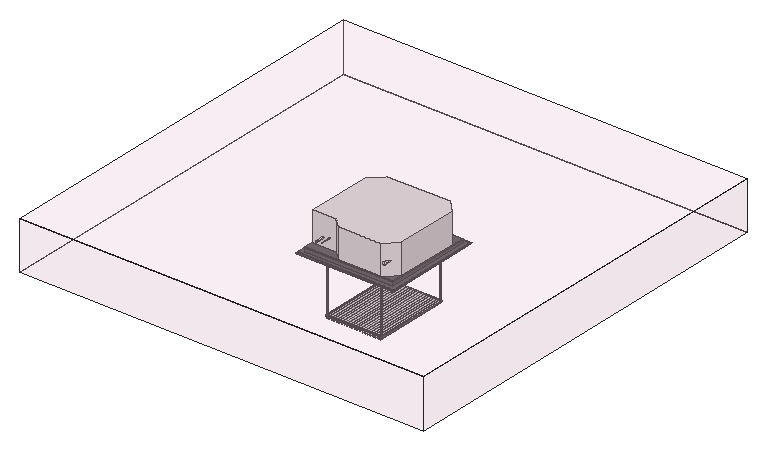
Revit family "Hitachi_Silent-iconic-design-elevation-grid-white_LOD400", category Mechanical Equipment, Revit 2018
Family settings
  Round Connector Dimension = Use Diameter
  Classification = None
  Part Type = Normal
  OmniClass Number = 23.75.70.00
  OmniClass Title = HVAC Distribution Devices
  Work Plane-Based = No
  Always vertical = Yes
  Cut with Voids When Loaded = No
  Shared = No
  Room Calculation Point = No
Parameters (values of type "RCI-6.0FSRP + P-GP160NAPU")
  Uniformat code = "D3040"
  Uniformat = "Distribution Systems"
  Sound Pressure Level (hi) = 49
  Sound Pressure Level (Me) = 45
  Sound Pressure Level (Lo) = 49
  Sound Pressure Level (Hi2) = 51
  Refrigerant Type = ""
  Object type = ""
  Model = "4-way cassette Design Panel Silent-Iconic (Elevation Grille White)"
  Nominal Heating Capacity = 18000 W
  Manufacturer = "Hitachi Air Conditioning Europe SAS"
  Nominal Cooling Capacity = 16000 W
  Clearance Zone [instance] = yes
  Reference description = "Elevation Grille (Natural White)"
  Reference = "RCI-6.0FSRP + P-GP160NAPU"
  RCI Height = 298 mm
  Product Code = "RCI-6.0FSRP + P-GP160NAPU"
  Overall width = 950 mm
  Overall height = 378 mm
  Overall depth = 950 mm
  Outlet Diameter = 32 mm
  OmniClass description = "Air Handling Units"
  OmniClass code = "23-33 25 00"
  Number of Phases = 1
  Nominal Voltage = 230 V
  Net Weight = 36.00 kg
  Name BIM&CO = "Indoor Unit"
  Minimum AC Voltage = 207 V
  Maximum AC Voltage = 253 V
  Masterformat Code = "23 73 00"
  MasterFormat = "Indoor Central-Station Air-Handling Units"
  Liquid Diameter = 9.52 mm
  Indoor fan - Air Flow Rate (Me) = 1680.0 m³/h
  Indoor fan - Air Flow Rate (Lo) = 1320.0 m³/h
  Indoor fan - Air Flow Rate (Hi2) = 2220.0 m³/h
  Indoor fan - Air Flow Rate (Hi) = 2100.0 m³/h
  Gas Diameter = 15.88 mm
  GTIN (Global Trade Item Number) = ""
  Frequency = 50 Hz
  Elevation Grid Height [instance] = 500 mm
  Connection type = "flare-nut connection"
  BIM&CO code = ""
  BC_VARIANT_ID = "963889"
  BC_OBJECT_VERSION = "#2"  # constant formula
  BC_OBJECT_ID = "428631"  # constant formula
  BC_MODEL_ID = "1194576"  # constant formula
Types (8, lengths in mm): name | Sound Pressure Level (hi) | Sound Pressure Level (Me) | Sound Pressure Level (Lo) | Sound Pressure Level (Hi2) | Nominal Heating Capacity | Nominal Cooling Capacity | Reference | RCI Height | Product Code | Net Weight | Liquid Diameter | Indoor fan - Air Flow Rate (Me) | Indoor fan - Air Flow Rate (Lo) | Indoor fan - Air Flow Rate (Hi2) | Indoor fan - Air Flow Rate (Hi) | Gas Diameter | BC_VARIANT_ID
  RCI-1.0FSRP + P-GP160NAPU | 32 | 30 | 29 | 35 | 3200 W | 2800 W | "RCI-1.0FSRP + P-GP160NAPU" | 248 | "RCI-1.0FSRP + P-GP160NAPU" | 30.00 kg | 6.35 | 660.0 m³/h | 540.0 m³/h | 900.0 m³/h | 780.0 m³/h | 12.7 | "963882"
  RCI-1.5FSRP + P-GP160NAPU | 33 | 32 | 29 | 37 | 4800 W | 4000 W | "RCI-1.5FSRP + P-GP160NAPU" | 248 | "RCI-1.5FSRP + P-GP160NAPU" | 31.00 kg | 6.35 | 840.0 m³/h | 660.0 m³/h | 1200.0 m³/h | 960.0 m³/h | 12.7 | "963883"
  RCI-2.0FSRP + P-GP160NAPU | 34 | 32 | 30 | 39 | 6300 W | 5600 W | "RCI-2.0FSRP + P-GP160NAPU" | 248 | "RCI-2.0FSRP + P-GP160NAPU" | 31.00 kg | 6.35 | 840.0 m³/h | 720.0 m³/h | 1320.0 m³/h | 1020.0 m³/h | 12.7 | "963884"
  RCI-2.5FSRP + P-GP160NAPU | 39 | 35 | 31 | 45 | 8500 W | 7100 W | "RCI-2.5FSRP + P-GP160NAPU" | 248 | "RCI-2.5FSRP + P-GP160NAPU" | 32.00 kg | 9.52 | 1080.0 m³/h | 840.0 m³/h | 1620.0 m³/h | 1260.0 m³/h | 15.88 | "963885"
  RCI-3.0FSRP + P-GP160NAPU | 38 | 34 | 32 | 43 | 9000 W | 8000 W | "RCI-3.0FSRP + P-GP160NAPU" | 298 | "RCI-3.0FSRP + P-GP160NAPU" | 36.00 kg | 9.52 | 1080.0 m³/h | 900.0 m³/h | 1620.0 m³/h | 1380.0 m³/h | 15.88 | "963886"
  RCI-4.0FSRP + P-GP160NAPU | 46 | 41 | 35 | 51 | 12500 W | 11200 W | "RCI-4.0FSRP + P-GP160NAPU" | 298 | "RCI-4.0FSRP + P-GP160NAPU" | 36.00 kg | 9.52 | 1440.0 m³/h | 1200.0 m³/h | 2160.0 m³/h | 1860.0 m³/h | 15.88 | "963887"
  RCI-5.0FSRP + P-GP160NAPU | 48 | 43 | 37 | 51 | 16000 W | 14000 W | "RCI-5.0FSRP + P-GP160NAPU" | 298 | "RCI-5.0FSRP + P-GP160NAPU" | 36.00 kg | 9.52 | 1560.0 m³/h | 1260.0 m³/h | 2220.0 m³/h | 1980.0 m³/h | 15.88 | "963888"
  RCI-6.0FSRP + P-GP160NAPU | 49 | 45 | 49 | 51 | 18000 W | 16000 W | "RCI-6.0FSRP + P-GP160NAPU" | 298 | "RCI-6.0FSRP + P-GP160NAPU" | 36.00 kg | 9.52 | 1680.0 m³/h | 1320.0 m³/h | 2220.0 m³/h | 2100.0 m³/h | 15.88 | "963889"
Reference planes
  plane 1 "Centre (avant/arrière)": y = 0
  plane 2: z = 0
  plane 3 "Centre (gauche/droite)": x = 0
  plane 4: x = -475
  plane 5: x = 475
  plane 6: y = 475
  plane 7: y = -475
  plane 8: z = 28
  plane 9: y = 366.5
  plane 10: y = -366.5
  plane 11: z = 326
  plane 12: z = -51.5
  plane 13: z = 426
  plane 14 "Elevation grid base": z = -29.5
  plane 15 "Elevation grid": z = -529.5
Forms (mm)
  Extrusion 1, solid, material "Hitachi-Steel-White"
    sketch origin (0, 0, -3) x (-1, 0, 0) y (0, 0, 1)
      loop
        line (316.25, -28.5) -> (308.75, -28.5) -> (308.75, -48.5) -> (316.25, -48.5) -> (316.25, -28.5)
      loop
        line (366.25, -28.5) -> (358.75, -28.5) -> (358.75, -48.5) -> (366.25, -48.5) -> (366.25, -28.5)
      loop
        line (341.25, -28.5) -> (333.75, -28.5) -> (333.75, -48.5) -> (341.25, -48.5) -> (341.25, -28.5)
      loop
        line (291.25, -28.5) -> (283.75, -28.5) -> (283.75, -48.5) -> (291.25, -48.5) -> (291.25, -28.5)
      loop
        line (-316.25, -28.5) -> (-316.25, -48.5) -> (-308.75, -48.5) -> (-308.75, -28.5) -> (-316.25, -28.5)
      loop
        line (-366.25, -28.5) -> (-366.25, -48.5) -> (-358.75, -48.5) -> (-358.75, -28.5) -> (-366.25, -28.5)
      loop
        line (-341.25, -28.5) -> (-341.25, -48.5) -> (-333.75, -48.5) -> (-333.75, -28.5) -> (-341.25, -28.5)
      loop
        line (-291.25, -28.5) -> (-291.25, -48.5) -> (-283.75, -48.5) -> (-283.75, -28.5) -> (-291.25, -28.5)
    from -366.5 to 366.5
  Sweep 2, solid, material "Hitachi-Plastic-Black"
    path origin (0, 0, 0) x (1, 0, 0) y (0, 1, 0)
      loop
        line (-475, 475) -> (-475, -475) -> (475, -475) -> (475, 475) -> (-475, 475)
    profile origin (-475, 0, 0) x (1, 0, 0) y (0, 0, 1)
      loop
        line (0, -3) -> (0.996, -14.347)
        arc (0.996, -14.347) -> (1.577, -15.524) -> (2.8, -16) r 1.811
        line (2.8, -16) -> (49, -16) -> (49, -20) -> (107.5, -20) -> (107.5, -24.5) -> (108.5, -24.5) -> (117, -27.9) -> (117, -29.5) -> (108.5, -29.5) -> (108.5, -31.5) -> (203.947, -31.5) -> (203.947, 40) -> (49.035, 40) -> (49.035, 29.684) -> (46.438, 0) -> (8.343, 0) -> (8.343, -3) -> (0, -3)
  Extrusion 3, solid, material "Hitachi-Plastic-Black"
    sketch origin (0, -90, 0) x (1, 0, 0) y (0, 1, 0)
      loop
        circle (-264.844, -272.25) r 2.5
      loop
        circle (264.844, -272.25) r 2.5
      loop
        circle (-264.844, 452.25) r 2.5
      loop
        circle (264.844, 452.25) r 2.5
    from -529.5 to 0
Dimensions and locks
  equal spacing: plane 4, plane 3 "Centre (gauche/droite)", plane 5
  "Overall width": plane 4 to plane 5
  equal spacing: plane 6, plane 1 "Centre (avant/arrière)", plane 7
  "Overall depth": plane 6 to plane 7
  locked: plane 2 to plane 12 at 51.5
  "RCI Height": plane 11 to plane 8
  locked: plane 8 to plane 2 at 28
  locked: plane 13 to plane 11 at 100
  locked: plane 2 to plane 14 "Elevation grid base" at 29.5
  "Elevation Grid Height": plane 14 "Elevation grid base" to plane 15 "Elevation grid"
  aligned and locked: level to plane 2
  aligned and locked: Sweep 2 sketch curve to plane 4
  aligned and locked: Sweep 2 sketch curve to plane 6
  aligned and locked: plane 5 to Sweep 2 sketch curve
  aligned and locked: Sweep 2 sketch curve to plane 7
  aligned and locked: plane 3 "Centre (gauche/droite)" to nested 1
  aligned and locked: plane 1 "Centre (avant/arrière)" to nested 1
  aligned and locked: plane 3 "Centre (gauche/droite)" to nested 2
  aligned and locked: plane 1 "Centre (avant/arrière)" to nested 2
  aligned and locked: nested 2 to plane 15 "Elevation grid"
  aligned and locked: Extrusion 3 to plane 15 "Elevation grid"
  aligned and locked: plane 2 to Extrusion 3
Automatic sketch dimensions
  Extrusion 1 sketch curve to Extrusion 1 sketch curve = 7.5 mm  (x8)
  Extrusion 1 sketch curve to Extrusion 1 sketch curve = 17.5 mm  (x5)
  Extrusion 1 sketch curve to level = 51.5 mm  (x2)
  Extrusion 1 sketch curve to Extrusion 1 sketch curve = 0 mm  (x9)
  Extrusion 1 sketch curve to Extrusion 1 sketch curve = 20 mm  (x3)
  profile plane to Sweep 2 sketch curve = 0 mm
  Sweep 2 sketch curve to level = 0 mm
  Sweep 2 sketch curve to profile plane = 0.996 mm
  Sweep 2 sketch curve to Sweep 2 sketch curve = 1.804 mm
  Sweep 2 sketch curve to profile plane = 8.343 mm
  Sweep 2 sketch curve to level = 20 mm
  Sweep 2 sketch curve to Sweep 2 sketch curve = 40.657 mm
  Sweep 2 sketch curve to profile plane = 49.035 mm
  Sweep 2 sketch curve to Sweep 2 sketch curve = 58.5 mm
  Sweep 2 sketch curve to level = 24.5 mm
  Sweep 2 sketch curve to Sweep 2 sketch curve = 1 mm
  Sweep 2 sketch curve to Sweep 2 sketch curve = 0 mm
  Sweep 2 sketch curve to Sweep 2 sketch curve = 8.5 mm
  Sweep 2 sketch curve to level = 31.5 mm
  Sweep 2 sketch curve to Sweep 2 sketch curve = 86.947 mm
  Sweep 2 sketch curve to Sweep 2 sketch curve = 2 mm
  Sweep 2 sketch curve to Sweep 2 sketch curve = 1.6 mm
  Sweep 2 sketch curve to Sweep 2 sketch curve = 4 mm
  Sweep 2 sketch curve to Sweep 2 sketch curve = 1.653 mm
  Sweep 2 sketch curve to level = 3 mm
  level to Sweep 2 sketch curve = 40 mm
  Sweep 2 sketch curve to Sweep 2 sketch curve = 2.562 mm
  Sweep 2 sketch curve to Sweep 2 sketch curve = 10.316 mm
  Extrusion 1 sketch curve to Extrusion 1 sketch curve = 75 mm
  Extrusion 1 sketch curve to plane 14 "Elevation grid base" = 2 mm
  Extrusion 1 sketch curve to plane 12 = 0 mm
  plane 4 to Extrusion 1 sketch curve = 191.25 mm
  plane 5 to Extrusion 1 sketch curve = 191.25 mm
  Extrusion 3 sketch curve to plane 9 = 4.25 mm  (x2)
  plane 4 to Extrusion 3 sketch curve = 210.156 mm  (x2)
  plane 10 to Extrusion 3 sketch curve = 4.25 mm  (x2)
  plane 5 to Extrusion 3 sketch curve = 210.156 mm  (x2)
  radius of Extrusion 3 sketch curve = 2.5 mm  (x4)
Nested families
  nested 1: "Cassette 800 x 800 RCI FSR" at (0, 0, 28), type "Cassette 800 x 800 RCI FSR"
    with Overall height 298 mm
  nested 2: "Silent-iconic-elevation-grille" at (0, 0, -529.5), type "Silent-iconic-elevation-grille"
  nested 3: "BC_Clearance-zone" at (0, 1164.917, -51.5), visible <- "Clearance Zone", type "BC_Clearance-zone"
    with Width 3950 mm, Height 477.5 mm, Depth 3950 mm
Connectors
  piping at (-325, -420, 118), diameter 609.6
    settings: on nested 1, index 1, connector inside diameter 609.6 mm, connector length 0 mm, flow factor 0, pipe flow 0.0 L/s, pressure drop 0.0 Pa, fitting loss kfactor 0, connector angle 0.00°, fixture units 0, engagement length 0 mm, angle of deflection 0.00°, flow configuration 0, flow direction 0, fitting loss method 0, system type 7, joint type 0, gender type 0, connector reference index -1, connector utility 0, adjustable connector no, is connector primary yes, connector description ""
  piping at (-260, -430, 135), diameter 9.5
    settings: on nested 1, index 2, connector inside diameter 609.6 mm, connector length 0 mm, flow factor 0, pipe flow 0.0 L/s, pressure drop 0.0 Pa, fitting loss kfactor 0, connector angle 0.00°, fixture units 0, engagement length 0 mm, angle of deflection 0.00°, flow configuration 0, flow direction 0, fitting loss method 0, system type 7, joint type 0, gender type 0, connector reference index -1, connector utility 0, adjustable connector no, is connector primary no, connector description ""
  piping at (338, -420, 162), diameter 25
    settings: on nested 1, index 3, connector inside diameter 609.6 mm, connector length 0 mm, flow factor 0, pipe flow 0.0 L/s, pressure drop 0.0 Pa, fitting loss kfactor 0, connector angle 0.00°, fixture units 0, engagement length 0 mm, angle of deflection 0.00°, flow configuration 0, flow direction 0, fitting loss method 0, system type 7, joint type 0, gender type 0, connector reference index -1, connector utility 0, adjustable connector no, is connector primary no, connector description ""
  electrical at (0.274, -40.571, 326), driven by "Nominal Voltage"
    settings: on nested 1, index 4, voltage 230 V, apparent load 0 VA, apparent load phase1 0 VA, apparent load phase2 0 VA, apparent load phase3 0 VA, power factor 1, load classification "Autre", number of poles 1, system type 31, power factor state 1, is connector primary yes, connector utility no, sub classification motor no, connector description ""
Definition of nested family "Cassette 800 x 800 RCI FSR"
  Parameters (values of type "Cassette 800 x 800 RCI FSR")
    URL = ""
    Overall height = 248 mm
    Outlet Diameter = 25 mm
    Liquid Diameter = 6.35 mm
    Gas Diameter = 12.7 mm
    Description = "Standard Cassette 800*800.Individual control setting for each louver. Suitable up to 4,2 m height under ceiling . Optional motion sensor"
    Model = "Cassette 800 x 800 RCI FSR"
    Manufacturer = "Hitachi Air Conditioning Europe SAS"
    Default Elevation = 1219.2 mm
    Type Comments = ""
  Reference planes
    plane 1 "Centre (avant/arrière)": y = 0
    plane 2: z = 0
    plane 3 "Centre (gauche/droite)": x = 0
    plane 4 "Back": y = 420
    plane 5 "Right": x = 420
    plane 6 "Left": x = -420
    plane 7 "Front": y = -420
    plane 8: z = 0
    plane 9 "Top": z = 248
  Forms (mm)
    Extrusion 1, solid
      sketch origin (0, 0, 0) x (1, 0, 0) y (0, 1, 0)
        loop
          line (-306.863, 420) -> (-420, 306.863) -> (-420, -336) -> (-204.8, -336) -> (-99.6, -420) -> (306.863, -420) -> (420, -306.863) -> (420, 306.863) -> (306.863, 420) -> (-306.863, 420)
      from 248 to 0
    Extrusion 2, solid
      sketch origin (55, -336, -18) x (-1, 0, 0) y (0, 0, -1)
        loop
          circle (380, -108) r 6.35
      from 0 to 84
    Extrusion 3, solid
      sketch origin (0, -336, 16) x (-1, 0, 0) y (0, 0, -1)
        loop
          circle (260, -91) r 3.175
      from 0 to 94
    Extrusion 4, solid
      sketch origin (0, -336, 148) x (-1, 0, 0) y (0, 0, -1)
        loop
          circle (-338, 14) r 12.5
      from 0 to 84
  Dimensions and locks
    equal spacing: plane 6 "Left", plane 3 "Centre (gauche/droite)", plane 5 "Right"
    equal spacing: plane 7 "Front", plane 1 "Centre (avant/arrière)", plane 4 "Back"
    plane 6 "Left" to plane 5 "Right" = 840 mm
    plane 4 "Back" to plane 7 "Front" = 840 mm
    "Overall height": plane 9 "Top" to plane 8
    locked: Extrusion 4 sketch curve to plane 8 at 134
    locked: Extrusion 2 sketch curve to plane 8 at 90
    locked: Extrusion 3 sketch curve to plane 8 at 107
    "Gas Diameter": diameter of Extrusion 2 sketch curve
    "Liquid Diameter": diameter of Extrusion 3 sketch curve
    "Outlet Diameter": diameter of Extrusion 4 sketch curve
    aligned and locked: Extrusion 1 sketch curve to plane 7 "Front"
    aligned and locked: Extrusion 1 sketch curve to plane 5 "Right"
    aligned and locked: Extrusion 1 sketch curve to plane 4 "Back"
    aligned and locked: plane 7 "Front" to Extrusion 1 sketch curve
    aligned and locked: Extrusion 1 to plane 9 "Top"
    aligned and locked: Extrusion 1 to plane 8
  Automatic sketch dimensions
    Extrusion 1 sketch curve to plane 6 "Left" = 0 mm
    plane 6 "Left" to Extrusion 1 sketch curve = 113.137 mm
    plane 7 "Front" to Extrusion 1 sketch curve = 84 mm
    plane 3 "Centre (gauche/droite)" to Extrusion 1 sketch curve = 204.8 mm
    plane 3 "Centre (gauche/droite)" to Extrusion 1 sketch curve = 99.6 mm
    plane 5 "Right" to Extrusion 1 sketch curve = 113.137 mm  (x2)
    plane 4 "Back" to Extrusion 1 sketch curve = 113.137 mm  (x2)
    plane 7 "Front" to Extrusion 1 sketch curve = 113.137 mm
    Extrusion 2 sketch curve to plane 6 "Left" = 95 mm
    Extrusion 3 sketch curve to plane 6 "Left" = 160 mm
    Extrusion 4 sketch curve to plane 5 "Right" = 82 mm
Definition of nested family "Silent-iconic-elevation-grille"
  Reference planes
    plane 1 "Centre (avant/arrière)": y = 0
    plane 2: z = 0
    plane 3 "Centre (gauche/droite)": x = 0
    plane 4: x = -1349.063
    plane 5: x = 1349.063
    plane 6: y = 810.083
    plane 7: y = -926.271
  Forms (mm)
    Extrusion 1, solid
      sketch origin (0, 0, -2) x (1, 0, 0) y (0, 0, 1)
        loop
          line (-266.5, 0) -> (-266.5, -20) -> (-258.5, -20) -> (-258.5, 0) -> (-266.5, 0)
        loop
          line (-241.5, 0) -> (-241.5, -20) -> (-233.5, -20) -> (-233.5, 0) -> (-241.5, 0)
        loop
          line (-216.5, 0) -> (-216.5, -20) -> (-208.5, -20) -> (-208.5, 0) -> (-216.5, 0)
        loop
          line (-191.5, 0) -> (-191.5, -20) -> (-183.5, -20) -> (-183.5, 0) -> (-191.5, 0)
        loop
          line (-166.5, 0) -> (-166.5, -20) -> (-158.5, -20) -> (-158.5, 0) -> (-166.5, 0)
        loop
          line (-141.5, 0) -> (-141.5, -20) -> (-133.5, -20) -> (-133.5, 0) -> (-141.5, 0)
        loop
          line (-116.5, 0) -> (-116.5, -20) -> (-108.5, -20) -> (-108.5, 0) -> (-116.5, 0)
        loop
          line (-91.5, 0) -> (-91.5, -20) -> (-83.5, -20) -> (-83.5, 0) -> (-91.5, 0)
        loop
          line (-66.5, 0) -> (-66.5, -20) -> (-58.5, -20) -> (-58.5, 0) -> (-66.5, 0)
        loop
          line (-41.5, 0) -> (-41.5, -20) -> (-33.5, -20) -> (-33.5, 0) -> (-41.5, 0)
        loop
          line (-16.5, 0) -> (-16.5, -20) -> (-8.5, -20) -> (-8.5, 0) -> (-16.5, 0)
        loop
          line (266.5, 0) -> (258.5, 0) -> (258.5, -20) -> (266.5, -20) -> (266.5, 0)
        loop
          line (241.5, 0) -> (233.5, 0) -> (233.5, -20) -> (241.5, -20) -> (241.5, 0)
        loop
          line (216.5, 0) -> (208.5, 0) -> (208.5, -20) -> (216.5, -20) -> (216.5, 0)
        loop
          line (191.5, 0) -> (183.5, 0) -> (183.5, -20) -> (191.5, -20) -> (191.5, 0)
        loop
          line (166.5, 0) -> (158.5, 0) -> (158.5, -20) -> (166.5, -20) -> (166.5, 0)
        loop
          line (141.5, 0) -> (133.5, 0) -> (133.5, -20) -> (141.5, -20) -> (141.5, 0)
        loop
          line (116.5, 0) -> (108.5, 0) -> (108.5, -20) -> (116.5, -20) -> (116.5, 0)
        loop
          line (91.5, 0) -> (83.5, 0) -> (83.5, -20) -> (91.5, -20) -> (91.5, 0)
        loop
          line (66.5, 0) -> (58.5, 0) -> (58.5, -20) -> (66.5, -20) -> (66.5, 0)
        loop
          line (41.5, 0) -> (33.5, 0) -> (33.5, -20) -> (41.5, -20) -> (41.5, 0)
        loop
          line (16.5, 0) -> (8.5, 0) -> (8.5, -20) -> (16.5, -20) -> (16.5, 0)
      from -366.5 to 366.5
    Extrusion 2, solid
      sketch origin (0, 0, -2) x (1, 0, 0) y (0, 0, 1)
        loop
          line (-277.334, -7.5) -> (-275.631, -7.5) -> (-275.631, -2.5) -> (-269.044, -2.5) -> (-269.044, 2) -> (-277.334, 2) -> (-277.334, -7.5)
        loop
          line (277.334, -7.5) -> (277.334, 2) -> (269.044, 2) -> (269.044, -2.5) -> (275.631, -2.5) -> (275.631, -7.5) -> (277.334, -7.5)
      from -366.5 to 366.5
    Extrusion 3, solid
      sketch origin (0, 0, -2) x (1, 0, 0) y (0, 0, 1)
        loop
          line (-269.044, 2) -> (-269.044, 0) -> (269.044, 0) -> (269.044, 2) -> (-269.044, 2)
      from 356.5 to 366.5
    Extrusion 4, solid
      sketch origin (0, 0, -2) x (1, 0, 0) y (0, 0, -1)
        loop
          line (-269.044, -2) -> (269.044, -2) -> (269.044, 0) -> (-269.044, 0) -> (-269.044, -2)
      from 356.5 to 366.5
  Cuts and joins
    joined: Extrusion 2, Extrusion 3, Extrusion 4
  Dimensions and locks
    equal spacing: plane 4, plane 3 "Centre (gauche/droite)", plane 5
    plane 4 to plane 5 = 2698.126 mm
    plane 6 to plane 1 "Centre (avant/arrière)" to plane 7 = 810.083 mm, 926.271 mm
    plane 6 to plane 7 = 1736.354 mm
    aligned and locked: level to plane 2
  Automatic sketch dimensions
    Extrusion 1 sketch curve to level = 2 mm  (x22)
    Extrusion 1 sketch curve to plane 3 "Centre (gauche/droite)" = 266.5 mm
    Extrusion 1 sketch curve to Extrusion 1 sketch curve = 8 mm  (x22)
    Extrusion 1 sketch curve to Extrusion 1 sketch curve = 17 mm  (x19)
    Extrusion 1 sketch curve to plane 3 "Centre (gauche/droite)" = 16.5 mm
    plane 3 "Centre (gauche/droite)" to Extrusion 1 sketch curve = 8.5 mm
    Extrusion 1 sketch curve to level = 22 mm  (x4)
    Extrusion 1 sketch curve to Extrusion 1 sketch curve = 20 mm  (x17)
    Extrusion 1 sketch curve to Extrusion 1 sketch curve = 0 mm
    Extrusion 2 sketch curve to level = 9.5 mm
    Extrusion 2 sketch curve to plane 3 "Centre (gauche/droite)" = 277.334 mm
    Extrusion 2 sketch curve to Extrusion 2 sketch curve = 1.703 mm  (x2)
    level to Extrusion 2 sketch curve = 0 mm  (x2)
    Extrusion 2 sketch curve to Extrusion 2 sketch curve = 6.587 mm  (x2)
    plane 3 "Centre (gauche/droite)" to Extrusion 2 sketch curve = 269.044 mm
    Extrusion 2 sketch curve to level = 4.5 mm  (x2)
    Extrusion 2 sketch curve to Extrusion 2 sketch curve = 5 mm
    Extrusion 3 sketch curve to level = 2 mm
    Extrusion 3 sketch curve to plane 3 "Centre (gauche/droite)" = 269.044 mm
    plane 3 "Centre (gauche/droite)" to Extrusion 3 sketch curve = 269.044 mm
    level to Extrusion 3 sketch curve = 0 mm
    Extrusion 4 sketch curve to level = 2 mm
    Extrusion 4 sketch curve to plane 3 "Centre (gauche/droite)" = 269.044 mm
    plane 3 "Centre (gauche/droite)" to Extrusion 4 sketch curve = 269.044 mm
    level to Extrusion 4 sketch curve = 0 mm
Definition of nested family "BC_Clearance-zone"
  Parameters (values of type "BC_Clearance-zone")
    Width [instance] = 2500 mm
    Height [instance] = 1400 mm
    Depth [instance] = 1600 mm
  Reference planes
    plane 1 "Centre (avant/arrière)": y = 0
    plane 2: z = 0
    plane 3 "Centre (gauche/droite)": x = 0
    plane 4: x = -1250
    plane 5: x = 1250
    plane 6: y = 810.083
    plane 7: y = -789.917
    plane 8: z = 1400
  Forms (mm)
    Extrusion 1, solid
      sketch origin (0, 0, 0) x (1, 0, 0) y (0, 1, 0)
        loop
          line (-1250, 810.083) -> (-1250, -789.917) -> (1250, -789.917) -> (1250, 810.083) -> (-1250, 810.083)
      from 0 to 1400
  Lines and regions (mm)
    symbolic lines
      curve 1: line (0, 810.083, 1400) -> (0, -789.917, 1400)
      curve 2: line (0, 810.083, 0) -> (0, 810.083, 1400)
      curve 3: line (0, -789.917, 0) -> (0, 810.083, 0)
      curve 4: line (0, -789.917, 1400) -> (0, -789.917, 0)
      curve 5: line (-1250, 0, 1400) -> (1250, 0, 1400)
      curve 6: line (-1250, 0, 0) -> (-1250, 0, 1400)
      curve 7: line (1250, 0, 0) -> (-1250, 0, 0)
      curve 8: line (1250, 0, 1400) -> (1250, 0, 0)
      curve 9: line (-1250, 810.083, 0) -> (1250, 810.083, 0)
      curve 10: line (-1250, -789.917, 0) -> (-1250, 810.083, 0)
      curve 11: line (1250, -789.917, 0) -> (-1250, -789.917, 0)
      curve 12: line (1250, 810.083, 0) -> (1250, -789.917, 0)
  Dimensions and locks
    equal spacing: plane 4, plane 3 "Centre (gauche/droite)", plane 5
    "Width": plane 4 to plane 5
    plane 6 to plane 1 "Centre (avant/arrière)" to plane 7 = 810.083 mm, 789.917 mm
    "Depth": plane 6 to plane 7
    "Height": plane 8 to plane 2
    aligned and locked: level to plane 2
    aligned and locked: Extrusion 1 sketch curve to plane 6
    aligned and locked: plane 5 to Extrusion 1 sketch curve
    aligned and locked: plane 7 to Extrusion 1 sketch curve
    aligned and locked: plane 4 to Extrusion 1 sketch curve
    aligned and locked: plane 8 to Extrusion 1
    aligned and locked: curve 1 to plane 8
    aligned and locked: plane 2 to curve 3
    aligned and locked: plane 7 to curve 4
    aligned and locked: curve 2 to plane 6
  Automatic sketch dimensions
    curve 7 to level = 0 mm
    curve 7 to plane 4 = 0 mm
    plane 5 to curve 7 = 0 mm
    curve 6 to plane 8 = 0 mm
    curve 11 to plane 4 = 0 mm
    curve 11 to plane 5 = 0 mm
    curve 11 to plane 7 = 0 mm
    curve 10 to plane 6 = 0 mm
